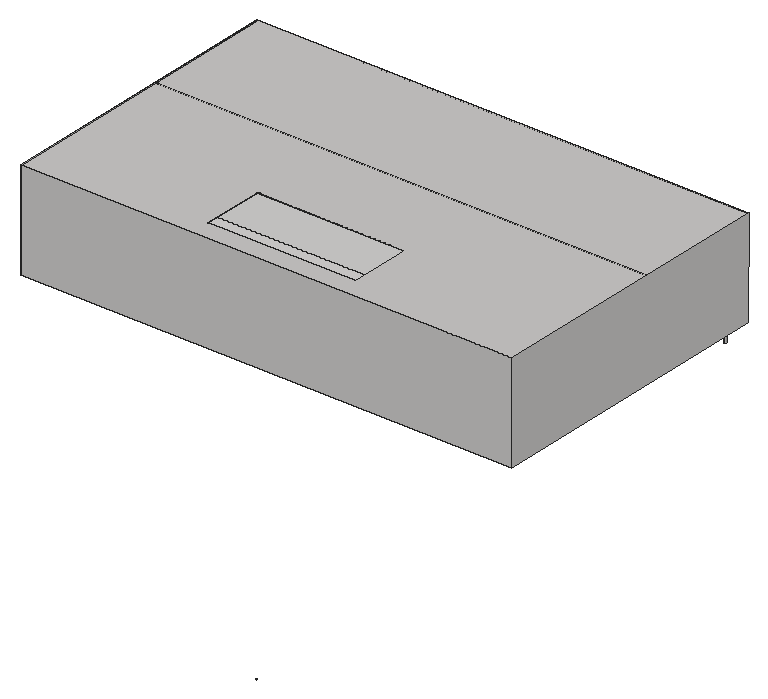
Revit family "QF_ELECTROLUXPROFESSIONAL_643322_DK1220", category Attrezzature speciali, Revit 2021
Family settings
  Quota connettore circolare = Usa diametro
  Tipo di parte = Normale
  Basato su piano di lavoro = No
  Sempre verticale = Sì
  Taglio con vuoti quando caricato = No
  Condiviso = No
  Punto di calcolo locali = No
Parameters (values of type "Standard")
  Weight = 55.00 kg
  Watts = 0 W
  Volts = 0 V
  URL Manufacturer = "https://www.electroluxprofessional.com/"
  URL = "https://www.electroluxprofessional.com/"
  Steam Supply Size = 0 mm
  Steam Supply Minimum Pressure = 0.0 Pa
  Steam Supply Maximum Pressure = 0.0 Pa
  Steam Consumption per Hour = 0
  Refrigeration Suction Line Size = 0 mm
  Refrigeration Liquid Line Size = 0 mm
  Refrigerant Compressor Remote = yes
  Prospetto di default = 0 mm
  Produttore = "Electrolux Professional"
  Phase = 0
  Modello = "DK1220"
  Length Actual = 2000 mm  # constant formula
  Item Number = "643322"
  Hot Water Size = 0 mm
  Height Actual = 400 mm  # constant formula
  HP = "0 HP"
  Gas Size = 0 mm
  Gas KW = 0
  Gas Input Pressure = 0 W
  Direct Waste Size = 0 mm
  Descrizione = "304 S/S DISHWASHER HOOD 200X120 CM"
  Depth Actual = 1200 mm  # constant formula
  Cycle = 0 Hz
  Condensate Return Size = 0 mm
  Compressed Air Volume = 0.0 L/s
  Compressed Air Size = 0 mm
  Compressed Air Pressure = 0.0 Pa
  Cold Water Size = 0 mm
  Accessory = yes
Reference planes
  plane 1: z = 0
  plane 2 "Center (Left/Right)": x = 150
  plane 3 "LEFT": x = -850
  plane 4 "RIGHT": x = 1150
  plane 5 "BACK": y = 550
  plane 6 "TOP": z = 2400
  plane 7 "Base": z = 2000
  plane 8: z = 1970
  plane 9 "DrainY": y = 450
  plane 10: x = -847
  plane 11: y = -320
  plane 12: y = -570
  plane 13 "DrainX": x = 1137
  plane 14 "AOLeft2": x = 450
  plane 15: x = 1147
  plane 16: x = -650
  plane 17: x = 950
  plane 18 "Center (Front/Back)": y = -50
  plane 19 "Front": y = -650
  plane 20 "AOLeft1": x = -150
Forms (mm)
  Extrusion 1, solid, material "QF_Finishes_Stainless Steel"
    sketch origin (-850, 0, 360) x (0, 1, 0) y (0, 0, 1)
      loop
        line (550, 1640) -> (550, 2040) -> (-650, 2040) -> (-650, 1640) -> (550, 1640)
    from 0 to 3
  Extrusion 2, solid, material "QF_Finishes_Stainless Steel"
    sketch origin (1150, 0, 360) x (0, 1, 0) y (0, 0, 1)
      loop
        line (550, 1640) -> (550, 2040) -> (-650, 2040) -> (-650, 1640) -> (550, 1640)
    from 0 to -3
  Extrusion 3, solid, material "QF_Finishes_Stainless Steel"
    sketch origin (150, 0, 360) x (0, 1, 0) y (0, 0, 1)
      loop
        line (-650, 2040) -> (-650, 1640) -> (-640, 1640) -> (-640, 1640.8) -> (-649.2, 1640.8) -> (-649.2, 2039.19) -> (549.2, 2039.19) -> (549.2, 1640.8) -> (540, 1640.8) -> (540, 1640) -> (550, 1640) -> (550, 2040) -> (-650, 2040)
    from -1000 to 1000
  Extrusion 4, solid, material "QF_Finishes_Stainless Steel"
    sketch origin (0, 0, 2000) x (0, 1, 0) y (-1, 0, 0)
      loop
        circle (450, -1137) r 4.763
    from -30 to 0
  Extrusion 5, void
    sketch origin (0, 0, 2400) x (0, 1, 0) y (-1, 0, 0)
      loop
        line (-320, -450) -> (-320, 150) -> (-570, 150) -> (-570, -450) -> (-320, -450)
    from 0 to -10
  Extrusion 6, solid, material "QF_Finishes_Stainless Steel"
    sketch origin (0, 0, 0) x (1, 0, 0) y (0, 1, 0)
      loop
        line (-850, 550) -> (-850, 549) -> (-849, 549) -> (-849, 550) -> (-850, 550)
    from 0 to 1
  Sweep 7, solid, material "QF_Finishes_Stainless Steel"
    path origin (0, 0, 0) x (1, 0, 0) y (0, 1, 0)
      loop
        line (1150, 550) -> (-850, 550) -> (-850, -650) -> (1150, -650) -> (1150, 550)
    profile origin (1150, -50, 0) x (1, 0, 0) y (0, 0, 1)
      loop
        line (-3, 2000) -> (-3, 2000.8) -> (-19, 2000.8) -> (-19, 2010) -> (-20, 2010) -> (-20, 2000) -> (-3, 2000)
  Extrusion 8, solid, material "QF_Finishes_Stainless Steel"
    sketch origin (150, 0, 0) x (0, 1, 0) y (0, 0, 1)
      loop
        line (35, 2399.19) -> (34.2, 2399.19) -> (34.2, 2329.838) -> (-320.309, 2254.485) -> (-614.003, 2066.672) -> (-614.003, 2000.8) -> (-613.203, 2000.8) -> (-613.203, 2066.234) -> (-320, 2253.732) -> (35, 2329.19) -> (35, 2399.19)
    from -997 to 997
Cuts and joins
  Extrusion 5 cuts Extrusion 3
  joined: Extrusion 2, Extrusion 3, Sweep 7
Lines and regions (mm)
  symbolic lines, style "SpecialityEquipment", detail levels coarse
    curve 1: line (1150, 550, 2400) -> (-850, 550, 2400)
    curve 2: line (-850, 550, 2400) -> (-850, -650, 2400)
    curve 3: line (1150, -650, 2400) -> (1150, 550, 2400)
    curve 4: line (-850, 550, 0) -> (1150, -650, 0)
    curve 5: line (1150, 550, 0) -> (-850, -650, 0)
    curve 6: line (-850, -650, 0) -> (1150, -650, 0)
  symbolic lines, detail levels coarse
    curve 7: line (-150, -570, 0) -> (450, -570, 0)
    curve 8: line (-150, -320, 0) -> (-150, -570, 0)
    curve 9: line (450, -320, 0) -> (-150, -320, 0)
    curve 10: line (450, -570, 0) -> (450, -320, 0)
Dimensions and locks
  plane 3 "LEFT" to plane 4 "RIGHT" = 2000 mm
  equal spacing: plane 3 "LEFT", plane 2 "Center (Left/Right)", plane 4 "RIGHT"
  plane 7 "Base" to plane 8 = 30 mm
  plane 5 "BACK" to plane 9 "DrainY" = 100 mm  (x2)
  plane 3 "LEFT" to plane 10 = 3 mm
  plane 13 "DrainX" to plane 4 "RIGHT" = 13 mm
  plane 15 to plane 4 "RIGHT" = 3 mm
  plane 3 "LEFT" to plane 16 = 200 mm
  plane 17 to plane 4 "RIGHT" = 200 mm
  locked: plane 7 "Base" to level at 2000
  locked: plane 6 "TOP" to plane 7 "Base" at 400
  plane 5 "BACK" to plane 19 "Front" = 1200 mm  (x2)
  equal spacing: plane 5 "BACK", plane 18 "Center (Front/Back)", plane 19 "Front"
  plane 12 to plane 19 "Front" = 80 mm
  locked: plane 11 to plane 12 at 250
  locked: plane 20 "AOLeft1" to plane 14 "AOLeft2" at 600
  equal spacing: plane 20 "AOLeft1", plane 2 "Center (Left/Right)", plane 14 "AOLeft2"
  aligned and locked: level to plane 1
  aligned and locked: plane 4 "RIGHT" to Extrusion 3
  aligned and locked: Extrusion 3 to plane 3 "LEFT"
  aligned and locked: Extrusion 5 to plane 12
  aligned and locked: Extrusion 5 to plane 11
  aligned and locked: Extrusion 2 to plane 15
  aligned and locked: Extrusion 8 to plane 10
  aligned and locked: plane 15 to Extrusion 8
  aligned and locked: Extrusion 5 to plane 20 "AOLeft1"
  aligned and locked: Extrusion 5 to plane 14 "AOLeft2"
Automatic sketch dimensions
  Extrusion 1 sketch curve to plane 7 "Base" = 0 mm
  Extrusion 1 sketch curve to plane 19 "Front" = 0 mm
  Extrusion 1 sketch curve to plane 5 "BACK" = 0 mm
  Extrusion 1 sketch curve to plane 6 "TOP" = 0 mm
  Extrusion 2 sketch curve to plane 7 "Base" = 0 mm
  Extrusion 2 sketch curve to plane 19 "Front" = 0 mm
  Extrusion 2 sketch curve to plane 5 "BACK" = 0 mm
  Extrusion 2 sketch curve to plane 6 "TOP" = 0 mm
  Extrusion 3 sketch curve to plane 6 "TOP" = 0 mm
  Extrusion 3 sketch curve to plane 19 "Front" = 0 mm
  Extrusion 3 sketch curve to plane 7 "Base" = 0 mm  (x2)
  Extrusion 3 sketch curve to plane 5 "BACK" = 0 mm
  plane 19 "Front" to Extrusion 3 sketch curve = 0.8 mm
  Extrusion 3 sketch curve to Extrusion 3 sketch curve = 9.2 mm
  plane 7 "Base" to Extrusion 3 sketch curve = 0.8 mm  (x2)
  Extrusion 3 sketch curve to plane 5 "BACK" = 10 mm
  Extrusion 3 sketch curve to plane 5 "BACK" = 0.8 mm
  Extrusion 3 sketch curve to plane 6 "TOP" = 0.81 mm
  Extrusion 4 sketch curve to plane 9 "DrainY" = 0 mm
  Extrusion 4 sketch curve to plane 13 "DrainX" = 0 mm
  Extrusion 5 sketch curve to plane 12 = 0 mm
  plane 11 to Extrusion 5 sketch curve = 0 mm
  Extrusion 5 sketch curve to plane 14 "AOLeft2" = 0 mm
  Extrusion 5 sketch curve to plane 20 "AOLeft1" = 0 mm
  Extrusion 6 sketch curve to plane 3 "LEFT" = 0 mm
  Extrusion 6 sketch curve to plane 5 "BACK" = 0 mm
  plane 3 "LEFT" to Extrusion 6 sketch curve = 1 mm
  Extrusion 6 sketch curve to Extrusion 6 sketch curve = 1 mm
  Sweep 7 sketch curve to plane 3 "LEFT" = 0 mm
  Sweep 7 sketch curve to plane 4 "RIGHT" = 0 mm
  Sweep 7 sketch curve to plane 19 "Front" = 0 mm
  Sweep 7 sketch curve to plane 5 "BACK" = 0 mm
  profile plane to Sweep 7 sketch curve = 20 mm
  Sweep 7 sketch curve to Sweep 7 sketch curve = 1 mm
  profile plane to Sweep 7 sketch curve = 3 mm
  level to Sweep 7 sketch curve = 2000 mm
  Sweep 7 sketch curve to Sweep 7 sketch curve = 0.8 mm
  Sweep 7 sketch curve to Sweep 7 sketch curve = 9.2 mm
  curve 5 to plane 3 "LEFT" = 0 mm
  curve 4 to plane 3 "LEFT" = 0 mm
  curve 6 to plane 19 "Front" = 0 mm
  curve 5 to plane 4 "RIGHT" = 0 mm
  curve 6 to plane 4 "RIGHT" = 0 mm
  curve 5 to plane 5 "BACK" = 0 mm
  curve 4 to plane 5 "BACK" = 0 mm
  curve 2 to plane 3 "LEFT" = 0 mm
  curve 2 to plane 19 "Front" = 0 mm
  curve 3 to plane 4 "RIGHT" = 0 mm
  curve 3 to plane 19 "Front" = 0 mm
  curve 2 to plane 5 "BACK" = 0 mm
  Extrusion 8 sketch curve to plane 11 = 0 mm
  plane 11 to Extrusion 8 sketch curve = 0.309 mm
  plane 7 "Base" to Extrusion 8 sketch curve = 0.8 mm
  plane 19 "Front" to Extrusion 8 sketch curve = 36.797 mm
  Extrusion 8 sketch curve to Extrusion 8 sketch curve = 0.8 mm  (x2)
  plane 18 "Center (Front/Back)" to Extrusion 8 sketch curve = 84.2 mm
  Extrusion 8 sketch curve to Extrusion 8 sketch curve = 65.434 mm
  Extrusion 8 sketch curve to plane 6 "TOP" = 146.268 mm
  Extrusion 8 sketch curve to Extrusion 8 sketch curve = 0.752 mm
  Extrusion 8 sketch curve to plane 6 "TOP" = 70.81 mm
  Extrusion 8 sketch curve to Extrusion 8 sketch curve = 0.648 mm
  Extrusion 8 sketch curve to Extrusion 8 sketch curve = 0.438 mm
  Extrusion 8 sketch curve to plane 6 "TOP" = 0.81 mm
  curve 7 to plane 12 = 0 mm
  curve 7 to plane 20 "AOLeft1" = 0 mm
  plane 11 to curve 8 = 0 mm
  curve 9 to plane 14 "AOLeft2" = 0 mm
  radius of Extrusion 4 sketch curve = 4.763 mm
Connectors
  piping at (1137, 450, 1970), diameter 9.5
    settings: on Extrusion 4, index 1, connector inside diameter 609.6 mm, connector length 0 mm, flow factor 0, pipe flow 0.0 L/s, pressure drop 0.0 Pa, fitting loss kfactor 0, connector angle 0.00°, fixture units 0, engagement length 0 mm, angle of deflection 0.00°, flow configuration 1, flow direction 2, fitting loss method 0, system type 16, joint type 0, gender type 0, connector reference index -1, connector utility 0, adjustable connector no, is connector primary yes, connector description "Drain"
  hvac at (150, -445, 2400)
    settings: on Extrusion 5, index 2, duct flow 0.0 L/s, flow factor 0, pres drop 0.0 Pa, loss coef 0, conn angle 0.00°, conn width 250 mm, conn height 600 mm, conn diameter 609.6 mm, duct sys type 3, conn prof type 1, flow config 1, flow direction 2, loss method 0, conn ref index -1, conn util no, is conn primary yes, conn desc "EXHAUST OUTLET"
